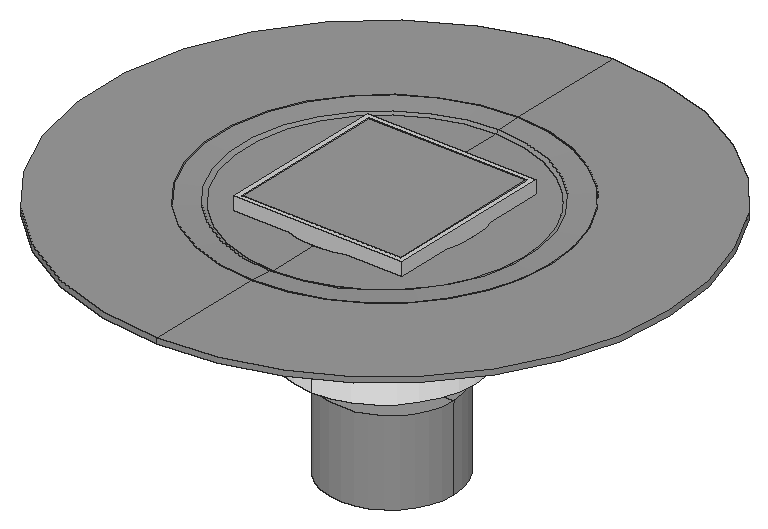
Revit family "HL_RU_Floor drain_HL317H-A-160411", category Instalační zařizovací předměty, Revit 2021
Family settings
  Kóta kulaté spojky = Použít průměr
  Typ dílu = Normální
  Číslo OmniClass = 23.70.50.21.24.14
  Nadpis OmniClass = Deck Waste Water Drains
  Založené na pracovní rovině = Ne
  Vždy vertikální = Ano
  Ořezat dutým tvarem při načtení = Ne
  Sdílené = Ano
  Bod výpočtu místnosti = Ano
Parameters (values of type "HL317H")
  РЕШЁТКА = "138 x 138 mm / V2A"
  РАЗМЕР = "DN50/75/110"
  ПРОПУСКНАЯ СПОСОБНОСТЬ = 1.8 L/s
  ПРОИЗВОДИТЕЛЬНОСТЬ = "1,8 l/s"
  ПРАВОВАЯ ИНФОРМАЦИЯ = "Авторские права(©), права на дизайн или какие либо другие права интелектуальной собственности являются исключительной собственностью компании HL Hutterer & Lechner. Изменению не подлежит. Файл семейства с данными о прозводителе изделия защищен паролем с водяным знаком."  # constant formula
  НОМИНАЛЬНЫЙ ДИАМЕТР [instance] = 110 mm
  НАСАДКА = "20-70 mm / 147 x 147 mm / PP"
  МАТЕРИАЛ = "PP"
  МАКСИМАЛЬНАЯ НАГРУЗКА КЛАССА = "K3 - 300kg"
  ВЫСОТА МОНТАЖА = "220 mm"
  ВЕС = "1,98 [kg]"
  Výchozí výška = 0 mm
  SV [instance] = НОМИНАЛЬНЫЙ ДИАМЕТР = 110 mm  # yes
  Přípoj ventilace = no
  Výrobce = "HL Hutterer & Lechner GmbH"  # constant formula
  URL = "http://www.hutterer-lechner.com/ru/Products/catalog/floor-drains/attachments/HL317H.aspx"
  Přípoj odpadních dílů = yes
  Přípoj HW = no
  Popis = "Трапы для внутренних помещений"
  Model = "HL317H"
  Komentáře k typům = "HL317H Трап для внутренних помещенийDN50/75/110 вертикальный с приварным полимербитумным полотном, 147х147мм/138х138мм"
  Keynote = "HL317H"
  Высота монтажа [instance] = 220 mm
  EAN = "9003076317110"
  DN_test [instance] = if(or(НОМИНАЛЬНЫЙ ДИАМЕТР = 50 mm, НОМИНАЛЬНЫЙ ДИАМЕТР = 75 mm, НОМИНАЛЬНЫЙ ДИАМЕТР = 110 mm), 30 mm, 0 mm)  # 30 mm
  Přípoj CW = no
  D [instance] = if(НОМИНАЛЬНЫЙ ДИАМЕТР = 110 mm, 6 mm, 0 mm)  # 6 mm
  C [instance] = if(НОМИНАЛЬНЫЙ ДИАМЕТР = 110 mm, 207 mm, if(НОМИНАЛЬНЫЙ ДИАМЕТР = 75 mm, 176 mm, 70 mm))  # 207 mm
  B [instance] = Высота монтажа  # 220 mm
  A [instance] = if(B - 100 mm > 15 mm, B - 100 mm, 15 mm)  # 120 mm
Reference planes
  plane 1 "Center (Front/Back)": y = 0
  plane 2: z = 0
  plane 3 "Center (Left/Right)": x = 0
  plane 4 "Ball Joint Vertical": x = 25.45
  plane 5: z = -220
  plane 6: z = -220
Lines and regions (mm)
  model lines, style "InvisibleLines"
    curve 1: line (0, 0, 0) -> (0, 0, 1000)
  reference lines
    curve 2: line (6, 0, 0) -> (6, 0, -220)
  model lines, detail levels coarse+medium
    curve 3: line (0, 0, -220) -> (0, 0, -100)
    curve 4: line (0, 0, -100) -> (100, 0, 0)
    curve 5: line (0, 0, -100) -> (-100, 0, 0)
  symbolic lines, detail levels coarse+medium
    curve 6: line (-75, 75, 0) -> (75, 75, 0)
    curve 7: line (-75, -75, 0) -> (-75, 75, 0)
    curve 8: line (75, -75, 0) -> (-75, -75, 0)
    curve 9: line (75, 75, 0) -> (75, -75, 0)
    curve 10: line (75, 75, 0) -> (145.711, 145.711, 0)
    curve 11: line (75, -75, 0) -> (145.711, -145.711, 0)
    curve 12: line (-75, 75, 0) -> (-145.711, 145.711, 0)
    curve 13: line (-75, -75, 0) -> (-145.711, -145.711, 0)
  symbolic lines, not visible, detail levels coarse+medium
    curve 14: line (-75, 75, 0) -> (75, 75, 0)
    curve 15: line (-75, -75, 0) -> (-75, 75, 0)
    curve 16: line (75, -75, 0) -> (-75, -75, 0)
    curve 17: line (75, 75, 0) -> (75, -75, 0)
    curve 18: line (75, 75, 0) -> (145.711, 145.711, 0)
    curve 19: line (75, -75, 0) -> (145.711, -145.711, 0)
    curve 20: line (-75, 75, 0) -> (-145.711, 145.711, 0)
    curve 21: line (-75, -75, 0) -> (-145.711, -145.711, 0)
  symbolic lines, style "InvisibleLines", not visible
    curve 22: line (0, 0, 0) -> (0, 0, -30)
Text (mm)
  text "ПОЛ" at (-198.233, 0, -26.556), in view "Drain Construction View"
Dimensions and locks
  locked: plane 4 "Ball Joint Vertical" to plane 3 "Center (Left/Right)" at 25.45
  "Высота монтажа": plane 2 to plane 5
  "A": curve 5 to plane 6
  "B": curve 5 to plane 6
  "B": curve 4 to plane 6
  "B": plane 2 to plane 6
  "DN_test": curve 22 to curve 22
  "D": plane 3 "Center (Left/Right)" to curve 2
  "C": nested 1 to plane 6
  locked: curve 4 to plane 3 "Center (Left/Right)" (angle 45.00°)
  locked: plane 3 "Center (Left/Right)" to curve 5 (angle 45.00°)
  aligned and locked: level to plane 2
  aligned and locked: plane 2 to curve 1
  aligned and locked: plane 3 "Center (Left/Right)" to curve 1
  aligned and locked: plane 3 "Center (Left/Right)" to curve 3
  aligned and locked: plane 3 "Center (Left/Right)" to curve 5
  aligned and locked: plane 2 to curve 2
  aligned and locked: plane 6 to curve 2
  aligned and locked: plane 5 to nested 4
Automatic sketch dimensions
  curve 3 to plane 5 = 0 mm
  level to curve 1 = 1000 mm
Nested families
  nested 1: "HL_Корпус для трапа внутренних помещений_HL317KH" at (0, 0, -8.3), type "HL317KH_Main Component"
  nested 2: "HL_Решётка_HL0317.1E" at (0, 0, 0), type "HL0317.1E_Main Component"
  nested 3: "HL_Насадка_HL0317.2E" at (0, 0, 0), type "HL0317.2E_Main Component"
    with Высота монтажа 20 mm, ВМ_Тест yes, ВМ 40 mm
  nested 4: "HL_Уменьшение_HL0317.4E" at (61, 0, -146) x (0, 0, -1) z (1, 0, 0), visible <- "SV", type "HL0317.4E_Main Component"
  nested 5: "HL_Песколовка_HL0317.5E" at (0, 0, -6), type "HL0317.5E_Main Component"
Connectors
  piping at (6, 0, -220), diameter 110, driven by "ПРОПУСКНАЯ СПОСОБНОСТЬ", driven by "НОМИНАЛЬНЫЙ ДИАМЕТР"
    settings: on curve 2, index 1, connector inside diameter 609.6 mm, connector length 0 mm, flow factor 0, pipe flow 1.8 L/s, pressure drop 0.0 Pa, fitting loss kfactor 0, connector angle 0.00°, fixture units 0, engagement length 0 mm, angle of deflection 0.00°, flow configuration 1, flow direction 2, fitting loss method 0, system type 16, joint type 0, gender type 0, connector reference index -1, connector utility 0, adjustable connector no, is connector primary yes, connector description ""
Definition of nested family "HL_Корпус для трапа внутренних помещений_HL317KH"
  Parameters
    РАЗМЕР = "DN50/75/110"
    ПРАВОВАЯ ИНФОРМАЦИЯ = "Авторские права(©), права на дизайн или какие либо другие права интелектуальной собственности являются исключительной собственностью компании HL Hutterer & Lechner. Изменению не подлежит. Файл семейства с данными о прозводителе изделия защищен паролем с водяным знаком."  # constant formula
    МАТЕРИАЛ = "PP"
    ВЫСОТА МОНТАЖА = "200 mm"
    ВЕС = "0,79 [kg]"
    Waste Connection = yes
    Default Elevation = 0 mm
    Vent Connection = no
    Manufacturer = "HL Hutterer & Lechner GmbH"  # constant formula
    URL = "http://www.hutterer-lechner.com/ru/Products/catalog/floor-drains/attachments/HL317KH.aspx"
    HW Connection = no
    Description = "Трапы для внутренних помещений - Комплектующие"
    Model = "HL317KH"
    Type Comments = "HL317K Корпус трапа для внутренних помещений DN50/75/110 вертикальный"
    Keynote = "HL317KH"
    EAN = "9003076009022"
    CW Connection = no
  Reference planes
    plane 1 "Center (Front/Back)": y = 0
    plane 2: z = 0
    plane 3 "Center (Left/Right)": x = 0
    plane 4 "Ball Joint Vertical": x = 25.45
  Forms (mm)
    Revolve 1, solid, detail levels fine
      sketch origin (0, 0, 0) x (0, 1, 0) y (0, 0, 1)
        loop
          line (150, -4.7) -> (78.5, -4.7) -> (78.5, -26.84) -> (74.8, -26.84) -> (74.8, -33.04) -> (77, -33.04) -> (77, -114.27) -> (30.2, -114.27) -> (30.2, -46.27) -> (27.189, -46.27) -> (27.189, -114.27) -> (21.9, -114.27) -> (21.9, -170.37) -> (25, -170.37) -> (25, -117.27) -> (34.4, -117.27) -> (34.4, -176.27) -> (37.5, -176.27) -> (37.5, -117.27) -> (80, -117.27) -> (80, -42.695) -> (89.2, -29.537) -> (89.2, -21.569) -> (94.095, -21.569) -> (94.527, -13.313) -> (110.94, -12.099) -> (116.81, -9.753) -> (150, -7.432) -> (150, -4.7)
        loop
          line (41.5, -23.77) -> (0, -23.77) -> (0, -26.84) -> (39.5, -26.84) -> (39.5, -96.27) -> (41.5, -96.27) -> (41.5, -23.77)
        axis (0, -4.7) -> (0, -176.27)
      angle from 0 to 360
    Revolve 2, solid, detail levels fine
      sketch origin (0, 0, 0) x (0, 1, 0) y (0, 0, 1)
        loop
          line (250, 0) -> (145.993, 0) -> (145.993, -4.7) -> (250, -4.7) -> (250, 0)
        axis (0, 0) -> (0, -4.7)
      angle from 0 to 360
    Revolve 3, solid, detail levels fine
      sketch origin (0, 0, 0) x (0, 1, 0) y (0, 0, 1)
        loop
          line (145.993, 0) -> (125.67, -1.509) -> (122.333, -2.84) -> (78.5, -2.84) -> (78.5, -4.7) -> (145.993, -4.7) -> (145.993, 0)
        axis (0, 0) -> (0, -4.7)
      angle from 0 to 360
  Text (mm)
    text "ROOF/FLOOR" at (-198.233, 0, -26.556), in view "Drain Construction View"
  Dimensions and locks
    locked: plane 4 "Ball Joint Vertical" to plane 3 "Center (Left/Right)" at 25.45
    aligned and locked: level to plane 2
Definition of nested family "HL_Решётка_HL0317.1E"
  Parameters
    РАЗМЕР = "138x138 mm"
    ПРАВОВАЯ ИНФОРМАЦИЯ = "Авторские права(©), права на дизайн или какие либо другие права интелектуальной собственности являются исключительной собственностью компании HL Hutterer & Lechner. Изменению не подлежит. Файл семейства с данными о прозводителе изделия защищен паролем с водяным знаком."  # constant formula
    МАТЕРИАЛ = "V2A"
    МАКСИМАЛЬНАЯ НАГРУЗКА КЛАССА = "K3 - 300 kg"
    ВЕС = "0,20 [kg]"
    Waste Connection = yes
    Default Elevation = 0 mm
    Vent Connection = no
    Manufacturer = "HL Hutterer & Lechner GmbH"  # constant formula
    URL = "http://www.hutterer-lechner.com/ru/Products/catalog/floor-drains/attachments/HL0317.1E.aspx"
    HW Connection = no
    Description = "Трапы для внутренних помещений - Комплектующие"
    Model = "HL0317.1E"
    Type Comments = "HL0317.1E Решетка для сливных отверстий из высококачественной стали 138х138мм"
    Keynote = "HL0317.1E"
    EAN = "9003076317011"
    CW Connection = no
  Reference planes
    plane 1 "Center (Front/Back)": y = 0
    plane 2: z = 0
    plane 3 "Center (Left/Right)": x = 0
    plane 4 "Ball Joint Vertical": x = 25.45
  Forms (mm)
    Extrusion 1, solid, detail levels fine
      sketch origin (0, 0, 0) x (1, 0, 0) y (0, 1, 0)
        loop
          line (-69, 69) -> (-69, -69) -> (69, -69) -> (69, 69) -> (-69, 69)
      from 0 to -5
  Lines and regions (mm)
    model lines, detail levels fine
      curve 1: line (40.5, 59.75, 0) -> (-40.5, 59.75, 0)
      curve 2: line (-40.5, 52.25, 0) -> (40.5, 52.25, 0)
      curve 3: line (24.5, 43.75, 0) -> (-24.5, 43.75, 0)
      curve 4: line (-24.5, 36.25, 0) -> (24.5, 36.25, 0)
      curve 5: line (8.5, 27.75, 0) -> (-8.5, 27.75, 0)
      curve 6: line (-8.5, 20.25, 0) -> (8.5, 20.25, 0)
      curve 7: arc (-8.5, 27.75, 0) -> (-12.25, 24, 0) -> (-8.5, 20.25, 0) r 3.75
      curve 8: arc (8.5, 20.25, 0) -> (12.25, 24, 0) -> (8.5, 27.75, 0) r 3.75
      curve 9: arc (24.5, 36.25, 0) -> (28.25, 40, 0) -> (24.5, 43.75, 0) r 3.75
      curve 10: arc (40.5, 52.25, 0) -> (44.25, 56, 0) -> (40.5, 59.75, 0) r 3.75
      curve 11: arc (-40.5, 59.75, 0) -> (-44.25, 56, 0) -> (-40.5, 52.25, 0) r 3.75
      curve 12: arc (-24.5, 43.75, 0) -> (-28.25, 40, 0) -> (-24.5, 36.25, 0) r 3.75
      curve 13: line (-59.75, 40.5, 0) -> (-59.75, -40.5, 0)
      curve 14: line (-52.25, -40.5, 0) -> (-52.25, 40.5, 0)
      curve 15: line (-43.75, 24.5, 0) -> (-43.75, -24.5, 0)
      curve 16: line (-36.25, -24.5, 0) -> (-36.25, 24.5, 0)
      curve 17: line (-27.75, 8.5, 0) -> (-27.75, -8.5, 0)
      curve 18: line (-20.25, -8.5, 0) -> (-20.25, 8.5, 0)
      curve 19: arc (-20.25, 8.5, 0) -> (-24, 12.25, 0) -> (-27.75, 8.5, 0) r 3.75
      curve 20: arc (-27.75, -8.5, 0) -> (-24, -12.25, 0) -> (-20.25, -8.5, 0) r 3.75
      curve 21: arc (-43.75, -24.5, 0) -> (-40, -28.25, 0) -> (-36.25, -24.5, 0) r 3.75
      curve 22: arc (-36.25, 24.5, 0) -> (-40, 28.25, 0) -> (-43.75, 24.5, 0) r 3.75
      curve 23: arc (-52.25, 40.5, 0) -> (-56, 44.25, 0) -> (-59.75, 40.5, 0) r 3.75
      curve 24: arc (-59.75, -40.5, 0) -> (-56, -44.25, 0) -> (-52.25, -40.5, 0) r 3.75
      curve 25: line (8.5, -20.25, 0) -> (-8.5, -20.25, 0)
      curve 26: line (-8.5, -27.75, 0) -> (8.5, -27.75, 0)
      curve 27: line (24.5, -36.25, 0) -> (-24.5, -36.25, 0)
      curve 28: line (-24.5, -43.75, 0) -> (24.5, -43.75, 0)
      curve 29: line (40.5, -52.25, 0) -> (-40.5, -52.25, 0)
      curve 30: line (-40.5, -59.75, 0) -> (40.5, -59.75, 0)
      curve 31: arc (-40.5, -52.25, 0) -> (-44.25, -56, 0) -> (-40.5, -59.75, 0) r 3.75
      curve 32: arc (40.5, -59.75, 0) -> (44.25, -56, 0) -> (40.5, -52.25, 0) r 3.75
      curve 33: arc (24.5, -43.75, 0) -> (28.25, -40, 0) -> (24.5, -36.25, 0) r 3.75
      curve 34: arc (-24.5, -36.25, 0) -> (-28.25, -40, 0) -> (-24.5, -43.75, 0) r 3.75
      curve 35: arc (-8.5, -20.25, 0) -> (-12.25, -24, 0) -> (-8.5, -27.75, 0) r 3.75
      curve 36: arc (8.5, -27.75, 0) -> (12.25, -24, 0) -> (8.5, -20.25, 0) r 3.75
      curve 37: line (20.25, 8.5, 0) -> (20.25, -8.5, 0)
      curve 38: line (27.75, -8.5, 0) -> (27.75, 8.5, 0)
      curve 39: line (36.25, 24.5, 0) -> (36.25, -24.5, 0)
      curve 40: line (43.75, -24.5, 0) -> (43.75, 24.5, 0)
      curve 41: line (52.25, 40.5, 0) -> (52.25, -40.5, 0)
      curve 42: line (59.75, -40.5, 0) -> (59.75, 40.5, 0)
      curve 43: arc (52.25, -40.5, 0) -> (56, -44.25, 0) -> (59.75, -40.5, 0) r 3.75
      curve 44: arc (36.25, -24.5, 0) -> (40, -28.25, 0) -> (43.75, -24.5, 0) r 3.75
      curve 45: arc (20.25, -8.5, 0) -> (24, -12.25, 0) -> (27.75, -8.5, 0) r 3.75
      curve 46: arc (27.75, 8.5, 0) -> (24, 12.25, 0) -> (20.25, 8.5, 0) r 3.75
      curve 47: arc (43.75, 24.5, 0) -> (40, 28.25, 0) -> (36.25, 24.5, 0) r 3.75
      curve 48: arc (59.75, 40.5, 0) -> (56, 44.25, 0) -> (52.25, 40.5, 0) r 3.75
      curve 49: line (-6.994, -2.339, 0) -> (-2.397, -6.935, 0)
      curve 50: line (-4.077, -3.134, 0) -> (-5.933, -1.278, 0)
      curve 51: line (-1.337, -5.874, 0) -> (-3.193, -4.018, 0)
      curve 52: line (-3.193, -4.018, 0) -> (-0.718, -1.543, 0)
      curve 53: line (-1.602, -0.659, 0) -> (-4.077, -3.134, 0)
      curve 54: line (-0.718, -1.543, 0) -> (1.138, -3.399, 0)
      curve 55: line (-3.458, 1.197, 0) -> (-1.602, -0.659, 0)
      curve 56: line (-1.337, 3.318, 0) -> (2.906, -0.925, 0)
      curve 57: line (3.967, 0.136, 0) -> (-0.276, 4.379, 0)
      curve 58: line (6.353, 2.523, 0) -> (3.967, 0.136, 0)
      curve 59: line (4.674, -0.925, 0) -> (7.237, 1.639, 0)
      curve 60: arc (-6.994, -2.339, 0) -> (-6.994, -1.278, 0) -> (-5.933, -1.278, 0) r 0.75
      curve 61: arc (-3.458, 1.197, 0) -> (-3.458, 2.257, 0) -> (-2.397, 2.257, 0) r 0.75
      curve 62: arc (-1.337, 3.318, 0) -> (-1.337, 4.379, 0) -> (-0.276, 4.379, 0) r 0.75
      curve 63: arc (6.353, 2.523, 0) -> (7.237, 2.523, 0) -> (7.237, 1.639, 0) r 0.625
      curve 64: arc (2.906, -0.925, 0) -> (3.79, -1.291, 0) -> (4.674, -0.925, 0) r 1.25
      curve 65: arc (-2.397, -6.935, 0) -> (-1.337, -6.935, 0) -> (-1.337, -5.874, 0) r 0.75
      curve 66: arc (1.138, -3.399, 0) -> (2.183, -3.416, 0) -> (2.232, -2.372, 0) r 0.751
      curve 67: line (2.232, -2.372, 0) -> (-2.397, 2.257, 0)
    model lines
      curve 68: line (0, 0, 0) -> (0, 0, 100)
  Text (mm)
    text "ROOF/FLOOR" at (-198.233, 0, -26.556), in view "Drain Construction View"
  Dimensions and locks
    locked: plane 4 "Ball Joint Vertical" to plane 3 "Center (Left/Right)" at 25.45
    aligned and locked: level to plane 2
Definition of nested family "HL_Насадка_HL0317.2E"
  Parameters
    РАЗМЕР = "d 145 mm"
    ПРАВОВАЯ ИНФОРМАЦИЯ = "Авторские права(©), права на дизайн или какие либо другие права интелектуальной собственности являются исключительной собственностью компании HL Hutterer & Lechner. Изменению не подлежит. Файл семейства с данными о прозводителе изделия защищен паролем с водяным знаком."  # constant formula
    НАСАДКА = "147x147mm"
    МАТЕРИАЛ = "PP-V2A"
    Высота монтажа [instance] = 70 mm
    ВЫСОТА МОНТАЖА = "20-70mm"
    ВМ_Тест [instance] = and(or(Высота монтажа < ВМ_Max, Высота монтажа > ВМ_Min, Высота монтажа = ВМ_Min))  # yes
    ВМ_Min = 20 mm
    ВМ_Max = 70 mm
    ВМ [instance] = if(ВМ_Тест, Высота монтажа + 20 mm, 0 mm)  # 90 mm
    ВЕС = "0,13 [kg]"
    Waste Connection = yes
    Default Elevation = 0 mm
    Vent Connection = no
    Manufacturer = "HL Hutterer & Lechner GmbH"  # constant formula
    URL = "http://www.hutterer-lechner.com/ru/Products/catalog/floor-drains/attachments/HL0317.2E.aspx"
    HW Connection = no
    Description = "Трапы для внутренних помещений - Комплектующие"
    Model = "HL0317.2E"
    Type Comments = "HL0317.2E Насадные подрамники d 145мм/90мм/147х147мм"
    Keynote = "HL0317.2E"
    EAN = "9003076317028"
    CW Connection = no
  Reference planes
    plane 1 "Center (Front/Back)": y = 0
    plane 2: z = 0
    plane 3 "Center (Left/Right)": x = 0
    plane 4 "Ball Joint Vertical": x = 25.45
    plane 5: z = -90
  Forms (mm)
    Extrusion 1, solid, detail levels fine
      sketch origin (0, 0, 0) x (1, 0, 0) y (0, 1, 0)
        loop
          line (69.5, 69.5) -> (-69.5, 69.5) -> (-69.5, -69.5) -> (69.5, -69.5) -> (69.5, 69.5)
        loop
          line (73.5, 73.5) -> (-73.5, 73.5) -> (-73.5, -73.5) -> (73.5, -73.5) -> (73.5, 73.5)
      from 0 to -14
    Extrusion 2, solid, detail levels fine
      sketch origin (0, 0, 0) x (1, 0, 0) y (0, 1, 0)
        loop
          line (-21.332, 69.5) -> (-69.5, 69.5) -> (-69.5, 21.332)
          arc (-69.5, 21.332) -> (-51.407, 51.407) -> (-21.332, 69.5) r 72.7
        loop
          line (69.5, 21.332) -> (69.5, 69.5) -> (21.332, 69.5)
          arc (21.332, 69.5) -> (51.407, 51.407) -> (69.5, 21.332) r 72.7
        loop
          line (21.332, -69.5) -> (69.5, -69.5) -> (69.5, -21.332)
          arc (69.5, -21.332) -> (51.407, -51.407) -> (21.332, -69.5) r 72.7
        loop
          line (-69.5, -21.332) -> (-69.5, -69.5) -> (-21.332, -69.5)
          arc (-21.332, -69.5) -> (-51.407, -51.407) -> (-69.5, -21.332) r 72.7
      from -5 to -14
    Revolve 3, solid, detail levels fine
      sketch origin (0, 0, 0) x (0, 1, 0) y (0, 0, 1)
        loop
          line (72.5, -14) -> (69.3, -14) -> (69.3, -90) -> (72.5, -90) -> (72.5, -14)
        axis (0, -14) -> (0, -90)
      angle from 0 to 360
  Cuts and joins
    joined: Extrusion 1, Extrusion 2, Revolve 3
  Lines and regions (mm)
    symbolic lines, not visible
      curve 1: line (0, 0, -90) -> (0, 0, 0)
    model lines
      curve 2: line (0, 0, 0) -> (0, 0, 100)
  Text (mm)
    text "ROOF/FLOOR" at (-198.233, 0, -26.556), in view "Drain Construction View"
  Dimensions and locks
    locked: plane 4 "Ball Joint Vertical" to plane 3 "Center (Left/Right)" at 25.45
    "ВМ": plane 2 to plane 5
    aligned and locked: level to plane 2
    aligned and locked: plane 5 to cut or joined group of Extrusion 1, Extrusion 2, Revolve 3
    aligned and locked: plane 2 to curve 1
    aligned and locked: plane 5 to curve 1
    aligned and locked: plane 3 "Center (Left/Right)" to curve 1
  Automatic sketch dimensions
    Extrusion 1 sketch curve to plane 3 "Center (Left/Right)" = 73.5 mm
    Extrusion 1 sketch curve to Extrusion 1 sketch curve = 4 mm  (x4)
    plane 4 "Ball Joint Vertical" to Extrusion 1 sketch curve = 44.05 mm
    plane 1 "Center (Front/Back)" to Extrusion 1 sketch curve = 73.5 mm
    Extrusion 1 sketch curve to plane 1 "Center (Front/Back)" = 69.5 mm
    Extrusion 2 sketch curve to Extrusion 2 sketch curve = 0 mm  (x13)
    plane 1 "Center (Front/Back)" to Extrusion 2 sketch curve = 0 mm
    Extrusion 2 sketch curve to plane 3 "Center (Left/Right)" = 0 mm
    Extrusion 2 sketch curve to plane 3 "Center (Left/Right)" = 21.332 mm  (x2)
    Extrusion 2 sketch curve to Extrusion 2 sketch curve = 48.168 mm  (x2)
    Extrusion 2 sketch curve to plane 4 "Ball Joint Vertical" = 4.118 mm  (x2)
    plane 4 "Ball Joint Vertical" to Extrusion 2 sketch curve = 44.05 mm  (x2)
    plane 1 "Center (Front/Back)" to Extrusion 2 sketch curve = 21.332 mm  (x2)
    Extrusion 2 sketch curve to plane 1 "Center (Front/Back)" = 21.332 mm
    Extrusion 2 sketch curve to plane 1 "Center (Front/Back)" = 69.5 mm
    Revolve 3 sketch curve to plane 1 "Center (Front/Back)" = 0 mm
    Revolve 3 sketch curve to plane 5 = 0 mm
    Revolve 3 sketch curve to level = 14 mm
    Revolve 3 sketch curve to plane 1 "Center (Front/Back)" = 69.3 mm
    Revolve 3 sketch curve to Revolve 3 sketch curve = 3.2 mm
    Revolve 3 sketch curve to plane 5 = 430.992 mm
    level to Revolve 3 sketch curve = 2741.474 mm
    curve 2 to curve 2 = 100 mm
Definition of nested family "HL_Уменьшение_HL0317.4E"
  Parameters (values of type "HL0317.4E")
    РАЗМЕР = "DN110xDN75"
    ПРАВОВАЯ ИНФОРМАЦИЯ = "Авторские права(©), права на дизайн или какие либо другие права интелектуальной собственности являются исключительной собственностью компании HL Hutterer & Lechner. Изменению не подлежит. Файл семейства с данными о прозводителе изделия защищен паролем с водяным знаком."  # constant formula
    МАТЕРИАЛ = "PP"
    ВЕС = "0,10 [kg]"
    Waste Connection = yes
    Default Elevation = 0 mm
    Vent Connection = no
    Manufacturer = "HL Hutterer & Lechner GmbH"  # constant formula
    URL = "http://www.hutterer-lechner.com/ru/Products/catalog/floor-drains/attachments/HL0317.4E.aspx"
    HW Connection = no
    Description = "Трапы для внутренних помещений - Комплектующие"
    Model = "HL0317.4E"
    Type Comments = "HL0317.4E Уменьшение DN110xDN75"
    Keynote = "HL0317.4E"
    EAN = "9003076317042"
    CW Connection = no
  Reference planes
    plane 1 "Center (Front/Back)": y = 0
    plane 2: z = 0
    plane 3 "Center (Left/Right)": x = 0
    plane 4 "Ball Joint Vertical": x = 25.45
  Forms (mm)
    Revolve 1, solid, detail levels fine
      sketch origin (0, 0, 0) x (1, 0, 0) y (0, 0, 1)
        loop
          line (74, -2.7) -> (74, 0) -> (0, 0) -> (0, -55) -> (3, -55) -> (3, -2.7) -> (74, -2.7)
        axis (74, -55) -> (0, -55)
      angle from 0 to 360
    Revolve 2, solid, detail levels fine
      sketch origin (0, 0, 0) x (1, 0, 0) y (0, 0, 1)
        loop
          line (-15, -21.165) -> (-15, -23.3) -> (39.9, -23.3) -> (39.9, -21.3) -> (0, -21.3) -> (0, -17) -> (-8.629, -17) -> (-11.112, -21.165) -> (-15, -21.165)
        axis (-15, -61) -> (39.9, -61)
      angle from 0 to 360
    Extrusion 3, void
      sketch origin (0, 0, 0) x (0, 1, 0) y (0, 0, 1)
        loop
          arc (-33.715, -46.537) -> (-35.917, -53.62) -> (-36.661, -61) r 36.983
          arc (-36.661, -61) -> (-12.182, -95.805) -> (28.85, -84.535) r 36.983
          arc (28.85, -84.535) -> (31.932, -80.198) -> (34.36, -75.463) r 36.983
          arc (34.36, -75.463) -> (36.561, -68.38) -> (37.305, -61) r 36.983
          arc (37.305, -61) -> (7.702, -24.761) -> (-33.715, -46.537) r 36.983
      from 55.439 to -38.757
  Cuts and joins
    Extrusion 3 cuts Revolve 1
  Text (mm)
    text "ROOF/FLOOR" at (-198.233, 0, -26.556), in view "Drain Construction View"
  Dimensions and locks
    locked: plane 4 "Ball Joint Vertical" to plane 3 "Center (Left/Right)" at 25.45
    aligned and locked: level to plane 2
Definition of nested family "HL_Песколовка_HL0317.5E"
  Parameters (values of type "HL0317.5E")
    ПРАВОВАЯ ИНФОРМАЦИЯ = "Авторские права(©), права на дизайн или какие либо другие права интелектуальной собственности являются исключительной собственностью компании HL Hutterer & Lechner. Изменению не подлежит. Файл семейства с данными о прозводителе изделия защищен паролем с водяным знаком."  # constant formula
    МАТЕРИАЛ = "PP"
    ВЕС = "0,03[kg]"
    Waste Connection = yes
    Default Elevation = 0 mm
    Vent Connection = no
    Manufacturer = "HL Hutterer & Lechner GmbH"  # constant formula
    URL = "http://www.hutterer-lechner.com/ru/Products/catalog/floor-drains/attachments/HL0317.5E.aspx"
    HW Connection = no
    Description = "Трапы для внутренних помещений - Комплектующие"
    Model = "HL0317.5E"
    Type Comments = "HL0317.5E Песколовка"
    Keynote = "HL0317.5E"
    EAN = "9003076317059"
    CW Connection = no
  Reference planes
    plane 1 "Center (Front/Back)": y = 0
    plane 2: z = 0
    plane 3 "Center (Left/Right)": x = 0
    plane 4 "Ball Joint Vertical": x = 25.45
  Forms (mm)
    Revolve 1, solid, detail levels fine
      sketch origin (0, 0, 0) x (0, 1, 0) y (0, 0, 1)
        loop
          line (69, -29) -> (69, 0) -> (67.3, 0) -> (67.3, -27.3) -> (22, -27.3) -> (22, -8) -> (19, -8) -> (19, -29) -> (69, -29)
        axis (0, 0) -> (0, -29)
      angle from 0 to 360
  Lines and regions (mm)
    model lines, detail levels fine
      curve 1: circle (-44.62, 0, -27.3) r 5 normal (0, 0, 1)
      curve 2: circle (0, 44.62, -27.3) r 5 normal (0, 0, 1)
      curve 3: circle (44.62, 0, -27.3) r 5 normal (0, 0, 1)
      curve 4: circle (0, -44.62, -27.3) r 5 normal (0, 0, -1)
      curve 5: circle (-38.642, 22.31, -27.3) r 5 normal (0, 0, 1)
      curve 6: circle (22.31, 38.642, -27.3) r 5 normal (0, 0, 1)
      curve 7: circle (38.642, -22.31, -27.3) r 5 normal (0, 0, 1)
      curve 8: circle (-22.31, -38.642, -27.3) r 5 normal (0, 0, -1)
      curve 9: circle (-22.31, 38.642, -27.3) r 5 normal (0, 0, 1)
      curve 10: circle (38.642, 22.31, -27.3) r 5 normal (0, 0, 1)
      curve 11: circle (22.31, -38.642, -27.3) r 5 normal (0, 0, 1)
      curve 12: circle (-38.642, -22.31, -27.3) r 5 normal (0, 0, -1)
  Text (mm)
    text "ROOF/FLOOR" at (-198.233, 0, -26.556), in view "Drain Construction View"
  Dimensions and locks
    locked: plane 4 "Ball Joint Vertical" to plane 3 "Center (Left/Right)" at 25.45
    aligned and locked: level to plane 2
